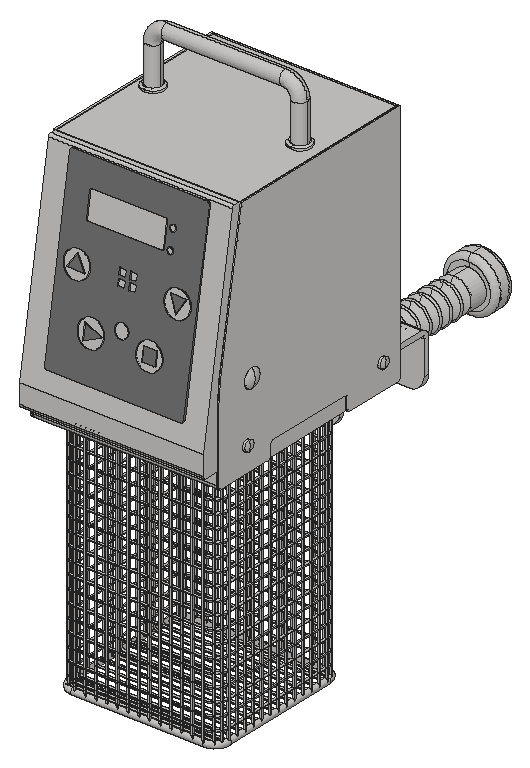
Revit family "QF_VOLLRATH_SOFTCOOKER", category Specialty Equipment, Revit 2016 (continued)
Lines and regions (in)
  symbolic lines
    curve 34: spline (2.51969, -6.20432, 0) -> (2.56623, -6.20326, 0) -> (2.60961, -6.20014, 0) -> (2.64685, -6.19517, 0) -> (2.67543, -6.18871, 0) -> (2.6934, -6.18118, 0) -> (2.69953, -6.17309, 0) -> (2.6934, -6.16501, 0) -> (2.67543, -6.15748, 0) -> (2.64685, -6.15101, 0) -> (2.60961, -6.14605, 0) -> (2.56623, -6.14293, 0) -> (2.51969, -6.14186, 0)
    curve 35: spline (1.7345, -6.28922, 0) -> (1.82568, -6.28713, 0) -> (1.91064, -6.28102, 0) -> (1.9836, -6.2713, 0) -> (2.03959, -6.25863, 0) -> (2.07478, -6.24388, 0) -> (2.08678, -6.22804, 0) -> (2.07478, -6.21221, 0) -> (2.03959, -6.19746, 0) -> (1.9836, -6.18479, 0) -> (1.91064, -6.17507, 0) -> (1.82568, -6.16895, 0) -> (1.7345, -6.16687, 0)
    curve 36: spline (1.7345, -6.16687, 0) -> (1.64332, -6.16895, 0) -> (1.55836, -6.17507, 0) -> (1.48539, -6.18479, 0) -> (1.42941, -6.19746, 0) -> (1.39422, -6.21221, 0) -> (1.38221, -6.22804, 0) -> (1.39422, -6.24388, 0) -> (1.42941, -6.25863, 0) -> (1.48539, -6.2713, 0) -> (1.55836, -6.28102, 0) -> (1.64332, -6.28713, 0) -> (1.7345, -6.28922, 0)
    curve 37: spline (3.86737, -5.9281, 0) -> (3.77619, -5.93019, 0) -> (3.69123, -5.9363, 0) -> (3.61827, -5.94602, 0) -> (3.56228, -5.95869, 0) -> (3.52709, -5.97344, 0) -> (3.51509, -5.98928, 0) -> (3.52709, -6.00511, 0) -> (3.56228, -6.01986, 0) -> (3.61827, -6.03253, 0) -> (3.69123, -6.04225, 0) -> (3.77619, -6.04837, 0) -> (3.86737, -6.05045, 0)
    curve 38: spline (3.86737, -6.05045, 0) -> (3.95855, -6.04837, 0) -> (4.04351, -6.04225, 0) -> (4.11648, -6.03253, 0) -> (4.17246, -6.01986, 0) -> (4.20765, -6.00511, 0) -> (4.21966, -5.98928, 0) -> (4.20765, -5.97344, 0) -> (4.17246, -5.95869, 0) -> (4.11648, -5.94602, 0) -> (4.04351, -5.9363, 0) -> (3.95855, -5.93019, 0) -> (3.86737, -5.9281, 0)
    curve 39: spline (3.30487, -6.28922, 0) -> (3.39605, -6.28713, 0) -> (3.48101, -6.28102, 0) -> (3.55398, -6.2713, 0) -> (3.60996, -6.25863, 0) -> (3.64515, -6.24388, 0) -> (3.65716, -6.22804, 0) -> (3.64515, -6.21221, 0) -> (3.60996, -6.19746, 0) -> (3.55398, -6.18479, 0) -> (3.48101, -6.17507, 0) -> (3.39605, -6.16895, 0) -> (3.30487, -6.16687, 0)
    curve 40: spline (3.30487, -6.16687, 0) -> (3.21369, -6.16895, 0) -> (3.12873, -6.17507, 0) -> (3.05577, -6.18479, 0) -> (2.99978, -6.19746, 0) -> (2.96459, -6.21221, 0) -> (2.95259, -6.22804, 0) -> (2.96459, -6.24388, 0) -> (2.99978, -6.25863, 0) -> (3.05577, -6.2713, 0) -> (3.12873, -6.28102, 0) -> (3.21369, -6.28713, 0) -> (3.30487, -6.28922, 0)
    curve 41: line (1.29527, -5.80162, 0) -> (3.35039, -5.80162, 0)
    curve 42: line (1.29527, -5.69086, 0) -> (1.29527, -5.80162, 0)
    curve 43: line (3.35039, -5.69086, 0) -> (1.29527, -5.69086, 0)
    curve 44: line (3.35039, -5.80162, 0) -> (3.35039, -5.69086, 0)
    curve 45: spline (3.52545, -5.72505, 0) -> (3.54608, -5.72458, 0) -> (3.5653, -5.7232, 0) -> (3.58181, -5.721, 0) -> (3.59447, -5.71813, 0) -> (3.60243, -5.71479, 0) -> (3.60515, -5.71121, 0) -> (3.60243, -5.70763, 0) -> (3.59447, -5.70429, 0) -> (3.58181, -5.70143, 0) -> (3.5653, -5.69923, 0) -> (3.54608, -5.69784, 0) -> (3.52545, -5.69737, 0)
    curve 46: spline (3.52545, -5.69737, 0) -> (3.50482, -5.69784, 0) -> (3.4856, -5.69923, 0) -> (3.46909, -5.70143, 0) -> (3.45643, -5.70429, 0) -> (3.44847, -5.70763, 0) -> (3.44575, -5.71121, 0) -> (3.44847, -5.71479, 0) -> (3.45643, -5.71813, 0) -> (3.46909, -5.721, 0) -> (3.4856, -5.7232, 0) -> (3.50482, -5.72458, 0) -> (3.52545, -5.72505, 0)
    curve 47: spline (3.52347, -5.81382, 0) -> (3.50303, -5.81335, 0) -> (3.48399, -5.81198, 0) -> (3.46763, -5.8098, 0) -> (3.45508, -5.80696, 0) -> (3.44719, -5.80366, 0) -> (3.4445, -5.80011, 0) -> (3.44719, -5.79656, 0) -> (3.45508, -5.79325, 0) -> (3.46763, -5.79041, 0) -> (3.48399, -5.78823, 0) -> (3.50303, -5.78686, 0) -> (3.52347, -5.78639, 0)
    curve 48: spline (3.52347, -5.81382, 0) -> (3.54391, -5.81335, 0) -> (3.56296, -5.81198, 0) -> (3.57931, -5.8098, 0) -> (3.59186, -5.80696, 0) -> (3.59975, -5.80366, 0) -> (3.60244, -5.80011, 0) -> (3.59975, -5.79656, 0) -> (3.59186, -5.79325, 0) -> (3.57931, -5.79041, 0) -> (3.56296, -5.78823, 0) -> (3.54391, -5.78686, 0) -> (3.52347, -5.78639, 0)
    curve 49: line (2.0243, -6.22673, 0) -> (1.5578, -6.19089, 0)
    curve 50: line (1.5578, -6.19089, 0) -> (1.5578, -6.26624, 0)
    curve 51: line (1.5578, -6.26624, 0) -> (2.0243, -6.22673, 0)
    curve 52: line (1.16164, -5.94403, 0) -> (1.40205, -6.01084, 0)
    curve 53: line (1.40205, -6.01084, 0) -> (0.92122, -6.01084, 0)
    curve 54: line (0.92122, -6.01084, 0) -> (1.16164, -5.94403, 0)
    curve 55: line (3.49073, -6.1965, 0) -> (3.12328, -6.1965, 0)
    curve 56: line (3.12328, -6.1965, 0) -> (3.12328, -6.25866, 0)
    curve 57: line (3.12328, -6.25866, 0) -> (3.49073, -6.25866, 0)
    curve 58: line (3.49073, -6.25866, 0) -> (3.49073, -6.1965, 0)
    curve 59: line (3.8525, -6.03269, 0) -> (3.65449, -5.95896, 0)
    curve 60: line (3.65449, -5.95896, 0) -> (4.08118, -5.95896, 0)
    curve 61: line (4.08118, -5.95896, 0) -> (3.8525, -6.03269, 0)
    curve 62: line (2.22877, 2.65366, 0) -> (2.8106, 2.65366, 0)
    curve 63: line (2.8106, 2.65366, 0) -> (2.8106, 2.49688, 0)
    curve 64: line (2.8106, 2.49688, 0) -> (2.22877, 2.49688, 0)
    curve 65: line (2.22877, 2.49688, 0) -> (2.22877, 2.65366, 0)
    curve 66: line (2.26394, 2.71725, 0) -> (2.26394, 2.65366, 0)
    curve 67: line (2.26394, 2.71725, 0) -> (2.77543, 2.71725, 0)
    curve 68: line (2.77543, 2.71725, 0) -> (2.77543, 2.65366, 0)
    curve 69: line (2.37267, 2.49688, 0) -> (2.37267, 2.1063, 0)
    curve 70: line (2.6667, 2.49688, 0) -> (2.6667, 2.1063, 0)
    curve 71: line (2.24996, 3.04543, 0) -> (2.06437, 2.9249, 0)
    curve 72: line (2.26394, 2.71725, 0) -> (2.06437, 2.84686, 0)
    curve 73: arc (2.06437, 2.9249, 0) -> (2.04318, 2.88588, 0) -> (2.06437, 2.84686, 0) r 0.04653
    curve 74: line (2.78941, 3.04543, 0) -> (2.975, 2.9249, 0)
    curve 75: line (2.77543, 2.71725, 0) -> (2.975, 2.84686, 0)
    curve 76: arc (2.975, 2.9249, 0) -> (2.99619, 2.88588, 0) -> (2.975, 2.84686, 0) r 0.04653
    curve 77: line (2.24996, 3.04543, 0) -> (2.78941, 3.04543, 0)
    curve 78: line (2.24996, 3.07772, 0) -> (2.78941, 3.07772, 0)
    curve 79: line (2.78941, 3.07772, 0) -> (2.78941, 3.04543, 0)
    curve 80: line (2.24996, 3.07772, 0) -> (2.24996, 3.04543, 0)
    curve 81: line (2.24589, 3.07772, 0) -> (2.79348, 3.07772, 0)
    curve 82: line (2.24996, 3.39417, 0) -> (2.06437, 3.27365, 0)
    curve 83: line (2.24589, 3.07772, 0) -> (2.06437, 3.1956, 0)
    curve 84: arc (2.06437, 3.27365, 0) -> (2.04318, 3.23463, 0) -> (2.06437, 3.1956, 0) r 0.04653
    curve 85: line (2.78941, 3.39417, 0) -> (2.975, 3.27365, 0)
    curve 86: line (2.79348, 3.07772, 0) -> (2.975, 3.1956, 0)
    curve 87: arc (2.975, 3.27365, 0) -> (2.99619, 3.23463, 0) -> (2.975, 3.1956, 0) r 0.04653
    curve 88: line (2.24996, 3.39417, 0) -> (2.78941, 3.39417, 0)
    curve 89: line (2.24996, 3.42646, 0) -> (2.78941, 3.42646, 0)
    curve 90: line (2.78941, 3.42646, 0) -> (2.78941, 3.39417, 0)
    curve 91: line (2.24996, 3.42646, 0) -> (2.24996, 3.39417, 0)
    curve 92: line (2.24589, 3.42646, 0) -> (2.79348, 3.42646, 0)
    curve 93: line (2.24996, 3.74292, 0) -> (2.06437, 3.6224, 0)
    curve 94: line (2.24589, 3.42646, 0) -> (2.06437, 3.54435, 0)
    curve 95: arc (2.06437, 3.6224, 0) -> (2.04318, 3.58337, 0) -> (2.06437, 3.54435, 0) r 0.04653
    curve 96: line (2.78941, 3.74292, 0) -> (2.975, 3.6224, 0)
    curve 97: line (2.79348, 3.42646, 0) -> (2.975, 3.54435, 0)
    curve 98: arc (2.975, 3.6224, 0) -> (2.99619, 3.58337, 0) -> (2.975, 3.54435, 0) r 0.04653
    curve 99: line (2.24996, 3.74292, 0) -> (2.78941, 3.74292, 0)
    curve 100: line (2.24589, 3.77493, 0) -> (2.79348, 3.77493, 0)
    curve 101: line (2.24996, 4.09139, 0) -> (2.06437, 3.97087, 0)
    curve 102: line (2.24589, 3.77493, 0) -> (2.06437, 3.89282, 0)
    curve 103: arc (2.06437, 3.97087, 0) -> (2.04318, 3.93184, 0) -> (2.06437, 3.89282, 0) r 0.04653
    curve 104: line (2.78941, 4.09139, 0) -> (2.975, 3.97087, 0)
    curve 105: line (2.79348, 3.77493, 0) -> (2.975, 3.89282, 0)
    curve 106: arc (2.975, 3.97087, 0) -> (2.99619, 3.93184, 0) -> (2.975, 3.89282, 0) r 0.04653
    curve 107: line (2.24996, 4.09139, 0) -> (2.78941, 4.09139, 0)
    curve 108: line (2.24589, 4.12354, 0) -> (2.79348, 4.12354, 0)
    curve 109: line (2.24996, 4.44, 0) -> (2.06437, 4.31948, 0)
    curve 110: line (2.24589, 4.12354, 0) -> (2.06437, 4.24143, 0)
    curve 111: arc (2.06437, 4.31948, 0) -> (2.04318, 4.28045, 0) -> (2.06437, 4.24143, 0) r 0.04653
    curve 112: line (2.78941, 4.44, 0) -> (2.975, 4.31948, 0)
    curve 113: line (2.79348, 4.12354, 0) -> (2.975, 4.24143, 0)
    curve 114: arc (2.975, 4.31948, 0) -> (2.99619, 4.28045, 0) -> (2.975, 4.24143, 0) r 0.04653
    curve 115: line (2.24996, 4.44, 0) -> (2.78941, 4.44, 0)
    curve 116: line (2.24589, 4.47215, 0) -> (2.79348, 4.47215, 0)
    curve 117: line (2.24996, 4.78861, 0) -> (2.06437, 4.66808, 0)
    curve 118: line (2.24589, 4.47215, 0) -> (2.06437, 4.59004, 0)
    curve 119: arc (2.06437, 4.66808, 0) -> (2.04318, 4.62906, 0) -> (2.06437, 4.59004, 0) r 0.04653
    curve 120: line (2.78941, 4.78861, 0) -> (2.975, 4.66808, 0)
    curve 121: line (2.79348, 4.47215, 0) -> (2.975, 4.59004, 0)
    curve 122: arc (2.975, 4.66808, 0) -> (2.99619, 4.62906, 0) -> (2.975, 4.59004, 0) r 0.04653
    curve 123: line (2.24996, 4.78861, 0) -> (2.78941, 4.78861, 0)
    curve 124: line (2.05745, 4.94577, 0) -> (2.05745, 5.43389, 0)
    curve 125: line (2.05745, 4.94577, 0) -> (2.24996, 4.82076, 0)
    curve 126: line (2.78941, 4.82076, 0) -> (2.98192, 4.94577, 0)
    curve 127: line (2.98192, 4.94577, 0) -> (2.98192, 5.43389, 0)
    curve 128: line (2.05745, 4.94577, 0) -> (2.98192, 4.94577, 0)
    curve 129: line (2.24996, 4.82076, 0) -> (2.24996, 4.78861, 0)
    curve 130: line (2.78941, 4.82076, 0) -> (2.78941, 4.78861, 0)
    curve 131: line (1.92524, 5.43389, 0) -> (3.11413, 5.43389, 0)
    curve 132: line (1.90418, 6.00394, 0) -> (3.13519, 6.00394, 0)
    curve 133: line (1.77641, 5.58272, 0) -> (1.77641, 5.87617, 0)
    curve 134: arc (1.92524, 5.43389, 0) -> (1.82, 5.47748, 0) -> (1.77641, 5.58272, 0) r 0.14882
    curve 135: arc (1.77641, 5.87617, 0) -> (1.81383, 5.96651, 0) -> (1.90418, 6.00394, 0) r 0.12777
    curve 136: line (0, -5.30371, 0) -> (5.03937, -5.30371, 0)
    curve 137: line (3.26296, 5.58272, 0) -> (3.26296, 5.87617, 0)
    curve 138: arc (3.11413, 5.43389, 0) -> (3.21937, 5.47748, 0) -> (3.26296, 5.58272, 0) r 0.14882
    curve 139: arc (3.26296, 5.87617, 0) -> (3.22554, 5.96651, 0) -> (3.13519, 6.00394, 0) r 0.12777
Dimensions and locks (in)
  equal spacing: plane 3 "LEFT", plane 7 "Center Y", plane 4 "RIGHT"
  "Length": plane 3 "LEFT" to plane 4 "RIGHT"
  equal spacing: plane 5 "FRONT", plane 8 "Center X", plane 1 "BACK"
  plane 5 "FRONT" to plane 1 "BACK" = 6.49606"
  plane 6 "TOP" to level = 6.63386"
  equal spacing: group 1, group 3, group 4, group 5, group 6, group 7, group 8, group 9, group 10, group 11, group 12, group 13, group 14, group 15, group 16, group 17, group 18, group 2  (x3)
  "Height": plane 13 to plane 12
  "Depth": plane 5 "FRONT" to plane 14
  aligned and locked: plane 2 to level
Automatic sketch dimensions
  Sweep 24 sketch curve to Sweep 24 sketch curve = 0.33573"
  Sweep 24 sketch curve to Sweep 24 sketch curve = 43/128"  (x2)
  Sweep 24 sketch curve to profile plane = 0"  (x2)
  Sweep 24 sketch curve to Sweep 24 sketch curve = 3.52019"
  Sweep 24 sketch curve to Sweep 24 sketch curve = 3.51999"
  Sweep 24 sketch curve to Sweep 24 sketch curve = 3.32251"
  Sweep 25 sketch curve to Sweep 25 sketch curve = 0.33573"
  Sweep 25 sketch curve to Sweep 25 sketch curve = 43/128"  (x2)
  Sweep 25 sketch curve to profile plane = 0"  (x2)
  Sweep 25 sketch curve to Sweep 25 sketch curve = 3.52019"
  Sweep 25 sketch curve to Sweep 25 sketch curve = 3.51999"
  Sweep 25 sketch curve to Sweep 25 sketch curve = 3.32251"
  Sweep 26 sketch curve to Sweep 26 sketch curve = 0.33573"
  Sweep 26 sketch curve to Sweep 26 sketch curve = 43/128"  (x2)
  Sweep 26 sketch curve to profile plane = 0"  (x2)
  Sweep 26 sketch curve to Sweep 26 sketch curve = 3.52019"
  Sweep 26 sketch curve to Sweep 26 sketch curve = 3.51999"
  Sweep 26 sketch curve to Sweep 26 sketch curve = 3.32251"
  Sweep 27 sketch curve to Sweep 27 sketch curve = 0.33573"
  Sweep 27 sketch curve to Sweep 27 sketch curve = 43/128"  (x2)
  Sweep 27 sketch curve to profile plane = 0"  (x2)
  Sweep 27 sketch curve to Sweep 27 sketch curve = 3.52019"
  Sweep 27 sketch curve to Sweep 27 sketch curve = 3.51999"
  Sweep 27 sketch curve to Sweep 27 sketch curve = 3.32251"
  Sweep 28 sketch curve to Sweep 28 sketch curve = 0.33573"
  Sweep 28 sketch curve to Sweep 28 sketch curve = 43/128"  (x2)
  Sweep 28 sketch curve to profile plane = 0"  (x2)
  Sweep 28 sketch curve to Sweep 28 sketch curve = 3.52019"
  Sweep 28 sketch curve to Sweep 28 sketch curve = 3.51999"
  Sweep 28 sketch curve to Sweep 28 sketch curve = 3.32251"
  Sweep 29 sketch curve to Sweep 29 sketch curve = 0.33573"
  Sweep 29 sketch curve to Sweep 29 sketch curve = 43/128"  (x2)
  Sweep 29 sketch curve to profile plane = 0"  (x2)
  Sweep 29 sketch curve to Sweep 29 sketch curve = 3.52019"
  Sweep 29 sketch curve to Sweep 29 sketch curve = 3.51999"
  Sweep 29 sketch curve to Sweep 29 sketch curve = 3.32251"
  Sweep 30 sketch curve to Sweep 30 sketch curve = 0.33573"
  Sweep 30 sketch curve to Sweep 30 sketch curve = 43/128"  (x2)
  Sweep 30 sketch curve to profile plane = 0"  (x2)
  Sweep 30 sketch curve to Sweep 30 sketch curve = 3.52019"
  Sweep 30 sketch curve to Sweep 30 sketch curve = 3.51999"
  Sweep 30 sketch curve to Sweep 30 sketch curve = 3.32251"
  Sweep 31 sketch curve to Sweep 31 sketch curve = 0.33573"
  Sweep 31 sketch curve to Sweep 31 sketch curve = 43/128"  (x2)
  Sweep 31 sketch curve to profile plane = 0"  (x2)
  Sweep 31 sketch curve to Sweep 31 sketch curve = 3.52019"
  Sweep 31 sketch curve to Sweep 31 sketch curve = 3.51999"
  Sweep 31 sketch curve to Sweep 31 sketch curve = 3.32251"
  Sweep 32 sketch curve to Sweep 32 sketch curve = 0.33573"
  Sweep 32 sketch curve to Sweep 32 sketch curve = 43/128"  (x2)
  Sweep 32 sketch curve to profile plane = 0"  (x2)
  Sweep 32 sketch curve to Sweep 32 sketch curve = 3.52019"
  Sweep 32 sketch curve to Sweep 32 sketch curve = 3.51999"
  Sweep 32 sketch curve to Sweep 32 sketch curve = 3.32251"
  Sweep 33 sketch curve to Sweep 33 sketch curve = 0.33573"
  Sweep 33 sketch curve to Sweep 33 sketch curve = 43/128"  (x2)
  Sweep 33 sketch curve to profile plane = 0"  (x2)
  Sweep 33 sketch curve to Sweep 33 sketch curve = 3.52019"
  Sweep 33 sketch curve to Sweep 33 sketch curve = 3.51999"
  Sweep 33 sketch curve to Sweep 33 sketch curve = 3.32251"
  Sweep 34 sketch curve to Sweep 34 sketch curve = 0.33573"
  Sweep 34 sketch curve to Sweep 34 sketch curve = 43/128"  (x2)
  Sweep 34 sketch curve to profile plane = 0"  (x2)
  Sweep 34 sketch curve to Sweep 34 sketch curve = 3.52019"
  Sweep 34 sketch curve to Sweep 34 sketch curve = 3.51999"
  Sweep 34 sketch curve to Sweep 34 sketch curve = 3.32251"
  Sweep 35 sketch curve to Sweep 35 sketch curve = 0.33573"
  Sweep 35 sketch curve to Sweep 35 sketch curve = 43/128"  (x2)
  Sweep 35 sketch curve to profile plane = 0"  (x2)
  Sweep 35 sketch curve to Sweep 35 sketch curve = 3.52019"
  Sweep 35 sketch curve to Sweep 35 sketch curve = 3.51999"
  Sweep 35 sketch curve to Sweep 35 sketch curve = 3.32251"
  Sweep 36 sketch curve to Sweep 36 sketch curve = 0.33573"
  Sweep 36 sketch curve to Sweep 36 sketch curve = 43/128"  (x2)
  Sweep 36 sketch curve to profile plane = 0"  (x2)
  Sweep 36 sketch curve to Sweep 36 sketch curve = 3.52019"
  Sweep 36 sketch curve to Sweep 36 sketch curve = 3.51999"
  Sweep 36 sketch curve to Sweep 36 sketch curve = 3.32251"
  Sweep 37 sketch curve to Sweep 37 sketch curve = 0.33573"
  Sweep 37 sketch curve to Sweep 37 sketch curve = 43/128"  (x2)
  Sweep 37 sketch curve to profile plane = 0"  (x2)
  Sweep 37 sketch curve to Sweep 37 sketch curve = 3.52019"
  Sweep 37 sketch curve to Sweep 37 sketch curve = 3.51999"
  Sweep 37 sketch curve to Sweep 37 sketch curve = 3.32251"
  Sweep 38 sketch curve to Sweep 38 sketch curve = 0.33573"
  Sweep 38 sketch curve to Sweep 38 sketch curve = 43/128"  (x2)
  Sweep 38 sketch curve to profile plane = 0"  (x2)
  Sweep 38 sketch curve to Sweep 38 sketch curve = 3.52019"
  Sweep 38 sketch curve to Sweep 38 sketch curve = 3.51999"
  Sweep 38 sketch curve to Sweep 38 sketch curve = 3.32251"
  Sweep 39 sketch curve to Sweep 39 sketch curve = 0.33573"
  Sweep 39 sketch curve to Sweep 39 sketch curve = 43/128"  (x2)
  Sweep 39 sketch curve to profile plane = 0"  (x2)
  Sweep 39 sketch curve to Sweep 39 sketch curve = 3.52019"
  Sweep 39 sketch curve to Sweep 39 sketch curve = 3.51999"
  Sweep 39 sketch curve to Sweep 39 sketch curve = 3.32251"
  Sweep 40 sketch curve to Sweep 40 sketch curve = 0.33573"
  Sweep 40 sketch curve to Sweep 40 sketch curve = 43/128"  (x2)
  Sweep 40 sketch curve to profile plane = 0"  (x2)
  Sweep 40 sketch curve to Sweep 40 sketch curve = 3.52019"
  Sweep 40 sketch curve to Sweep 40 sketch curve = 3.51999"
  Sweep 40 sketch curve to Sweep 40 sketch curve = 3.32251"
  Sweep 41 sketch curve to Sweep 41 sketch curve = 0.33573"
  Sweep 41 sketch curve to Sweep 41 sketch curve = 43/128"  (x2)
  Sweep 41 sketch curve to profile plane = 0"  (x2)
  Sweep 41 sketch curve to Sweep 41 sketch curve = 3.52019"
  Sweep 41 sketch curve to Sweep 41 sketch curve = 3.51999"
  Sweep 41 sketch curve to Sweep 41 sketch curve = 3.32251"
  Extrusion 1 sketch curve to level = 0"  (x2)
  plane 11 to Extrusion 1 sketch curve = 0"
  Extrusion 1 sketch curve to plane 1 "BACK" = 0"
  plane 1 "BACK" to Extrusion 1 sketch curve = 0.09097"
  plane 8 "Center X" to Extrusion 1 sketch curve = 1.54935"
  plane 11 to Extrusion 1 sketch curve = 5/64"
  Extrusion 1 sketch curve to Extrusion 1 sketch curve = 0.07297"
  plane 8 "Center X" to Extrusion 1 sketch curve = 1.05327"
  Extrusion 1 sketch curve to plane 8 "Center X" = 1.0402"
  level to Extrusion 1 sketch curve = 0.07863"
  Extrusion 1 sketch curve to Extrusion 1 sketch curve = 0.08185"
  Extrusion 1 sketch curve to plane 6 "TOP" = 0.05906"
  Extrusion 1 sketch curve to plane 5 "FRONT" = 1.19235"
  Extrusion 1 sketch curve to plane 5 "FRONT" = 0.52571"
  Extrusion 1 sketch curve to plane 5 "FRONT" = 0.49184"
  level to Extrusion 1 sketch curve = 0.09263"
  plane 10 to Extrusion 1 sketch curve = 0.38881"
  Extrusion 2 sketch curve to plane 1 "BACK" = 0"
  Extrusion 2 sketch curve to level = 0"  (x2)
  plane 11 to Extrusion 2 sketch curve = 0"
  level to Extrusion 2 sketch curve = 0.09097"
  level to Extrusion 2 sketch curve = 0.07297"
  plane 8 "Center X" to Extrusion 2 sketch curve = 1.54935"
  Extrusion 2 sketch curve to Extrusion 2 sketch curve = 5/64"
  plane 8 "Center X" to Extrusion 2 sketch curve = 1.05327"
  plane 11 to Extrusion 2 sketch curve = 0.08185"
  Extrusion 2 sketch curve to plane 8 "Center X" = 1.0402"
  level to Extrusion 2 sketch curve = 0.07863"
  Extrusion 2 sketch curve to plane 6 "TOP" = 0.05906"
  Extrusion 2 sketch curve to plane 5 "FRONT" = 1.19235"
  Extrusion 2 sketch curve to plane 5 "FRONT" = 0.52571"
  Extrusion 2 sketch curve to plane 5 "FRONT" = 0.49184"
  plane 10 to Extrusion 2 sketch curve = 0.38881"
  Extrusion 2 sketch curve to Extrusion 2 sketch curve = 0.05877"
  Extrusion 3 sketch curve to level = 0"
  plane 1 "BACK" to Extrusion 3 sketch curve = 0.84646"
  Extrusion 3 sketch curve to Extrusion 3 sketch curve = 0.11811"  (x2)
  Extrusion 3 sketch curve to Extrusion 3 sketch curve = 0.09466"
  Extrusion 3 sketch curve to Extrusion 3 sketch curve = 0.00253"
  Extrusion 3 sketch curve to level = 0.21749"
  Extrusion 3 sketch curve to plane 1 "BACK" = 1.88881"
  Extrusion 3 sketch curve to Extrusion 3 sketch curve = 0.00726"
  Extrusion 3 sketch curve to Extrusion 3 sketch curve = 0.09212"
  Extrusion 3 sketch curve to Extrusion 3 sketch curve = 0.21663"
  Extrusion 3 sketch curve to Extrusion 3 sketch curve = 0.92934"
  Extrusion 4 sketch curve to Extrusion 1 = 0"  (x2)
  Extrusion 1 to Extrusion 4 sketch curve = 0"
  Extrusion 4 sketch curve to Extrusion 1 = 0.05877"
  Extrusion 4 sketch curve to Extrusion 1 = 0.09263"
  Extrusion 1 to Extrusion 4 sketch curve = 0.08185"
  Extrusion 4 sketch curve to Extrusion 1 = 0.07297"
  Extrusion 4 sketch curve to Extrusion 1 = 0.03937"
  Extrusion 5 sketch curve to level = 1.17996"
  Extrusion 5 sketch curve to Extrusion 5 sketch curve = 0.3898"
  Extrusion 5 sketch curve to Extrusion 5 sketch curve = 0.40343"
  Extrusion 5 sketch curve to Extrusion 5 sketch curve = 0.3446"
  plane 3 "LEFT" to Extrusion 5 sketch curve = 0.94488"
  plane 7 "Center Y" to Extrusion 5 sketch curve = 1.17137"
  Extrusion 6 sketch curve to level = 1.13957"
  Extrusion 6 sketch curve to Extrusion 6 sketch curve = 0.39615"
  plane 4 "RIGHT" to Extrusion 6 sketch curve = 0.94488"
  Extrusion 6 sketch curve to plane 7 "Center Y" = 1.17866"
  Extrusion 7 sketch curve to plane 5 "FRONT" = 0"
  plane 11 to Extrusion 7 sketch curve = 0"
  Extrusion 7 sketch curve to plane 5 "FRONT" = 0.07645"
  Extrusion 7 sketch curve to Extrusion 7 sketch curve = 0.35662"
  Extrusion 7 sketch curve to plane 5 "FRONT" = 0.48129"
  plane 9 to Extrusion 7 sketch curve = 0.03365"
  Extrusion 7 sketch curve to plane 5 "FRONT" = 0.96693"
  plane 9 to Extrusion 7 sketch curve = 0.02019"
  Extrusion 7 sketch curve to Extrusion 7 sketch curve = 0.07631"
  Extrusion 7 sketch curve to Extrusion 7 sketch curve = 0.14912"
  plane 8 "Center X" to Extrusion 7 sketch curve = 0.35904"
  Extrusion 7 sketch curve to plane 10 = 0.51439"
  plane 10 to Extrusion 7 sketch curve = 0.44955"
  Extrusion 7 to Extrusion 8 sketch curve = 0.03555"
  Extrusion 8 sketch curve to Extrusion 8 sketch curve = 0.07874"  (x3)
  Extrusion 7 to Extrusion 8 sketch curve = 0.75799"
  Extrusion 8 sketch curve to Extrusion 8 sketch curve = 0.03937"  (x3)
  Extrusion 8 sketch curve to Extrusion 8 sketch curve = 15/128"
  Extrusion 8 sketch curve to Extrusion 8 sketch curve = 0.51193"
  Extrusion 8 sketch curve to Extrusion 8 sketch curve = 0.63781"
  Extrusion 8 sketch curve to Extrusion 8 sketch curve = 0.00868"
  Extrusion 8 sketch curve to Extrusion 8 sketch curve = 0.72792"
  Extrusion 8 sketch curve to Extrusion 8 sketch curve = 0"  (x5)
  Extrusion 8 sketch curve to Extrusion 8 sketch curve = 0.18454"  (x3)
  Extrusion 8 sketch curve to Extrusion 8 sketch curve = 0.06546"  (x2)
  Extrusion 8 sketch curve to Extrusion 8 sketch curve = 1.04133"
  Extrusion 8 sketch curve to Extrusion 8 sketch curve = 0.06341"
  Extrusion 8 sketch curve to Extrusion 8 sketch curve = 0.93742"
  Extrusion 8 sketch curve to Extrusion 8 sketch curve = 0.31645"  (x2)
  Extrusion 7 to Extrusion 8 sketch curve = 0.59967"  (x2)
  Extrusion 7 to Extrusion 8 sketch curve = 0.59055"
  Extrusion 7 to Extrusion 8 sketch curve = 1.11294"
  Extrusion 8 sketch curve to Extrusion 8 sketch curve = 0.12327"
  Extrusion 8 sketch curve to Extrusion 8 sketch curve = 1.00616"
  Extrusion 8 sketch curve to Extrusion 8 sketch curve = 1.10808"
  Extrusion 8 sketch curve to Extrusion 8 sketch curve = 0.19272"  (x3)
  Extrusion 8 sketch curve to Extrusion 8 sketch curve = 0.78519"  (x2)
  Extrusion 8 sketch curve to Extrusion 8 sketch curve = 0.10445"
  Extrusion 8 sketch curve to Extrusion 8 sketch curve = 0.54105"
  Extrusion 8 sketch curve to Extrusion 8 sketch curve = 0.17308"
  Extrusion 8 sketch curve to Extrusion 8 sketch curve = 0.17506"
  Extrusion 8 sketch curve to Extrusion 8 sketch curve = 1.0974"
  Extrusion 7 to Extrusion 8 sketch curve = 0.6693"
  plane 4 "RIGHT" to Revolve 9 sketch curve = 0"
  plane 4 "RIGHT" to Revolve 9 sketch curve = 0.31496"
  Revolve 9 sketch curve to Revolve 9 sketch curve = 0.05988"
  Revolve 9 sketch curve to plane 4 "RIGHT" = 0.03087"
  Revolve 9 sketch curve to plane 4 "RIGHT" = 0.11558"
  plane 10 to Revolve 9 sketch curve = 0.67136"
  Revolve 9 sketch curve to Revolve 9 sketch curve = 0.03128"
  Revolve 9 sketch curve to Revolve 9 sketch curve = 0.14636"
  Revolve 9 sketch curve to Revolve 9 sketch curve = 0"  (x2)
  Revolve 9 sketch curve to Revolve 9 sketch curve = 0.0296"
  plane 4 "RIGHT" to Revolve 10 sketch curve = 0"
  Revolve 10 sketch curve to Revolve 10 sketch curve = 0.31496"
  Revolve 10 sketch curve to Revolve 10 sketch curve = 0.05988"
  Revolve 10 sketch curve to plane 4 "RIGHT" = 0.08633"
  Revolve 10 sketch curve to plane 4 "RIGHT" = 0.11558"
  Revolve 10 sketch curve to plane 11 = 0.24431"
  Revolve 10 sketch curve to Revolve 10 sketch curve = 0.03128"
  Revolve 10 sketch curve to Revolve 10 sketch curve = 0.0388"
  Revolve 10 sketch curve to Revolve 10 sketch curve = 0"  (x2)
  Revolve 10 sketch curve to Revolve 10 sketch curve = 0.0296"
  plane 4 "RIGHT" to Revolve 11 sketch curve = 0"
  Revolve 11 sketch curve to Revolve 11 sketch curve = 0.31496"
  Revolve 11 sketch curve to Revolve 11 sketch curve = 0.05988"
  Revolve 11 sketch curve to plane 4 "RIGHT" = 0.08633"
  Revolve 11 sketch curve to plane 4 "RIGHT" = 0.11558"
  Revolve 11 sketch curve to plane 11 = 0.41403"
  Revolve 11 sketch curve to Revolve 11 sketch curve = 0.0388"
  Revolve 11 sketch curve to Revolve 11 sketch curve = 0.13844"
  Revolve 11 sketch curve to Revolve 11 sketch curve = 0"  (x2)
  Revolve 11 sketch curve to Revolve 11 sketch curve = 0.0296"
  Sweep 12 sketch curve to plane 6 "TOP" = 0"  (x2)
  plane 3 "LEFT" to Sweep 12 sketch curve = 0.55297"
  Sweep 12 sketch curve to Sweep 12 sketch curve = 0.38232"  (x2)
  plane 4 "RIGHT" to Sweep 12 sketch curve = 0.93529"
  plane 6 "TOP" to Sweep 12 sketch curve = 1.08484"
  Sweep 12 sketch curve to profile plane = 0"  (x2)
  Extrusion 7 to Extrusion 13 sketch curve = 0.75799"
  Extrusion 13 sketch curve to Extrusion 13 sketch curve = 0.03937"  (x3)
  Extrusion 13 sketch curve to Extrusion 13 sketch curve = 15/128"
  Extrusion 13 sketch curve to Extrusion 13 sketch curve = 0.51193"
  Extrusion 13 sketch curve to Extrusion 13 sketch curve = 0.63781"
  Extrusion 13 sketch curve to Extrusion 13 sketch curve = 0.00868"
  Extrusion 7 to Extrusion 13 sketch curve = 1.23621"
  Extrusion 7 to Extrusion 13 sketch curve = 1.66929"
  Extrusion 13 sketch curve to Extrusion 13 sketch curve = 0.17308"
  Extrusion 13 sketch curve to Extrusion 13 sketch curve = 0.17506"
  Extrusion 7 to Extrusion 14 sketch curve = 1.10258"
  Extrusion 7 to Extrusion 14 sketch curve = 2.25531"
  Extrusion 7 to Extrusion 14 sketch curve = 2.34125"
  Extrusion 14 sketch curve to Extrusion 14 sketch curve = 0.26055"
  Extrusion 14 sketch curve to Extrusion 14 sketch curve = 0.17461"
  Extrusion 14 sketch curve to Extrusion 14 sketch curve = 0.12419"
  Extrusion 7 to Extrusion 14 sketch curve = 1.12782"
  Extrusion 14 sketch curve to Extrusion 14 sketch curve = 1/4"
  Extrusion 14 sketch curve to Extrusion 14 sketch curve = 1.03683"
  Extrusion 14 sketch curve to Extrusion 14 sketch curve = 0.94337"
  Extrusion 14 sketch curve to Extrusion 14 sketch curve = 0.20641"
  Extrusion 14 sketch curve to Extrusion 14 sketch curve = 0.18163"
  Extrusion 14 sketch curve to Extrusion 14 sketch curve = 0.21398"
  Extrusion 14 sketch curve to Extrusion 14 sketch curve = 0.17632"
  Extrusion 14 sketch curve to Extrusion 14 sketch curve = 0.21996"
  Extrusion 14 sketch curve to Extrusion 14 sketch curve = 0.24042"
  Extrusion 14 sketch curve to Extrusion 14 sketch curve = 0.01036"
  Extrusion 14 sketch curve to Extrusion 14 sketch curve = 0.23006"
  Extrusion 14 sketch curve to Extrusion 14 sketch curve = 0.15574"
  Extrusion 14 sketch curve to Extrusion 14 sketch curve = 0.1767"
  Extrusion 14 sketch curve to Extrusion 14 sketch curve = 0.2898"
  Extrusion 14 sketch curve to Extrusion 14 sketch curve = 1.09898"
  Extrusion 14 sketch curve to Extrusion 14 sketch curve = 0.1816"
  Extrusion 14 sketch curve to Extrusion 14 sketch curve = 0.18586"
  Extrusion 14 sketch curve to Extrusion 14 sketch curve = 0.198"
  Extrusion 14 sketch curve to Extrusion 14 sketch curve = 0.01488"
  Extrusion 14 sketch curve to Extrusion 14 sketch curve = 0.21381"
  Extrusion 7 to Extrusion 15 sketch curve = 1.10258"
  Extrusion 7 to Extrusion 15 sketch curve = 2.25531"
  Extrusion 7 to Extrusion 15 sketch curve = 0.89914"
  Extrusion 7 to Extrusion 15 sketch curve = 2.34125"
  Extrusion 15 sketch curve to Extrusion 15 sketch curve = 0.38475"
  Extrusion 7 to Extrusion 15 sketch curve = 1.12782"
  Extrusion 15 sketch curve to Extrusion 15 sketch curve = 0.42461"
  Extrusion 15 sketch curve to Extrusion 15 sketch curve = 1.03683"
  Extrusion 15 sketch curve to Extrusion 15 sketch curve = 0.94337"
  Extrusion 15 sketch curve to Extrusion 15 sketch curve = 0.20641"
  Extrusion 15 sketch curve to Extrusion 15 sketch curve = 0.35795"
  Extrusion 15 sketch curve to Extrusion 15 sketch curve = 0.43394"
  Extrusion 15 sketch curve to Extrusion 15 sketch curve = 0.24042"  (x2)
  Extrusion 15 sketch curve to Extrusion 15 sketch curve = 0.15574"
  Extrusion 15 sketch curve to Extrusion 15 sketch curve = 0.4665"
  Extrusion 15 sketch curve to Extrusion 15 sketch curve = 1.09898"
  Extrusion 15 sketch curve to Extrusion 15 sketch curve = 0.36745"
  Extrusion 15 sketch curve to Extrusion 15 sketch curve = 0.42668"
  Extrusion 16 sketch curve to Extrusion 4 = 0"  (x3)
  Extrusion 4 to Extrusion 16 sketch curve = 0"
  Extrusion 4 to Extrusion 16 sketch curve = 0.38731"  (x3)
  Extrusion 16 sketch curve to Extrusion 16 sketch curve = 0"  (x14)
  Extrusion 16 sketch curve to Extrusion 16 sketch curve = 0.00542"  (x2)
  Extrusion 4 to Extrusion 16 sketch curve = 0.68898"
  Extrusion 16 sketch curve to Extrusion 16 sketch curve = 1.42105"
  Extrusion 16 sketch curve to Extrusion 16 sketch curve = 0.66972"
  Extrusion 16 sketch curve to Extrusion 16 sketch curve = 0.00701"
  Extrusion 16 sketch curve to Extrusion 16 sketch curve = 0.00062"
  Extrusion 16 sketch curve to Extrusion 16 sketch curve = 0.01569"
  Extrusion 16 sketch curve to Extrusion 16 sketch curve = 0.01203"
  Extrusion 16 sketch curve to Extrusion 16 sketch curve = 0.10794"
  Extrusion 16 sketch curve to Extrusion 16 sketch curve = 0.11393"
  Extrusion 16 sketch curve to Extrusion 16 sketch curve = 0.10444"
  Extrusion 16 sketch curve to Extrusion 16 sketch curve = 0.28914"
  Extrusion 16 sketch curve to Extrusion 16 sketch curve = 0.01887"
  Extrusion 16 sketch curve to Extrusion 16 sketch curve = 0.01902"
  Extrusion 16 sketch curve to Extrusion 16 sketch curve = 0.18653"
  Extrusion 16 sketch curve to Extrusion 16 sketch curve = 0.06209"
  Extrusion 16 sketch curve to Extrusion 16 sketch curve = 0.09535"
  Extrusion 16 sketch curve to Extrusion 16 sketch curve = 0.21654"
  Extrusion 16 sketch curve to Extrusion 16 sketch curve = 0.30494"
  Extrusion 16 sketch curve to Extrusion 16 sketch curve = 0.42674"
  Extrusion 16 sketch curve to Extrusion 16 sketch curve = 0.02924"
  Extrusion 4 to Extrusion 16 sketch curve = 0.41339"
  Extrusion 16 sketch curve to Extrusion 16 sketch curve = 0.90806"
  Extrusion 16 sketch curve to Extrusion 16 sketch curve = 0.87882"
  Extrusion 16 sketch curve to Extrusion 16 sketch curve = 0.08085"
  Extrusion 16 sketch curve to Extrusion 16 sketch curve = 0.05554"
  Extrusion 16 sketch curve to Extrusion 16 sketch curve = 47/256"
  Extrusion 16 sketch curve to Extrusion 16 sketch curve = 0.20084"
  Extrusion 16 sketch curve to Extrusion 16 sketch curve = 0.28305"
  Extrusion 16 sketch curve to Extrusion 16 sketch curve = 0.09652"
  Extrusion 16 sketch curve to Extrusion 16 sketch curve = 0.09222"
  Extrusion 16 sketch curve to Extrusion 16 sketch curve = 0.33922"
  Extrusion 16 sketch curve to Extrusion 16 sketch curve = 0.02842"
  Extrusion 16 sketch curve to Extrusion 16 sketch curve = 0.18097"
  Extrusion 16 sketch curve to Extrusion 16 sketch curve = 0.18034"
  Extrusion 16 sketch curve to Extrusion 16 sketch curve = 0.13011"
  Extrusion 16 sketch curve to Extrusion 16 sketch curve = 0.01843"
  Extrusion 16 sketch curve to Extrusion 16 sketch curve = 0.13616"
  Extrusion 4 to Extrusion 16 sketch curve = 1.87478"
  Extrusion 16 sketch curve to Extrusion 16 sketch curve = 0.07874"  (x26)
  Extrusion 16 sketch curve to Extrusion 16 sketch curve = 0.14276"
  Extrusion 16 sketch curve to Extrusion 16 sketch curve = 0.01644"
  Extrusion 16 sketch curve to Extrusion 16 sketch curve = 0.05095"
  Extrusion 16 sketch curve to Extrusion 16 sketch curve = 0.12943"
  Extrusion 16 sketch curve to Extrusion 16 sketch curve = 0.06217"
  Extrusion 16 sketch curve to Extrusion 16 sketch curve = 0.27719"
  Extrusion 16 sketch curve to Extrusion 16 sketch curve = 0.14179"
  Extrusion 16 sketch curve to Extrusion 16 sketch curve = 0.05645"
  Extrusion 16 sketch curve to Extrusion 16 sketch curve = 0.05117"
  Extrusion 16 sketch curve to Extrusion 16 sketch curve = 0.13246"
  Extrusion 16 sketch curve to Extrusion 16 sketch curve = 0.06024"
  Extrusion 16 sketch curve to Extrusion 16 sketch curve = 0.06011"
  Extrusion 16 sketch curve to Extrusion 16 sketch curve = 0.05968"
  Extrusion 16 sketch curve to Extrusion 16 sketch curve = 0.06172"
  Extrusion 16 sketch curve to Extrusion 16 sketch curve = 0.06085"
  Extrusion 16 sketch curve to Extrusion 16 sketch curve = 0.06313"
  Extrusion 16 sketch curve to Extrusion 16 sketch curve = 0.43877"
  Extrusion 16 sketch curve to Extrusion 16 sketch curve = 0.05192"
  Extrusion 16 sketch curve to Extrusion 16 sketch curve = 0.05317"
  Extrusion 16 sketch curve to Extrusion 16 sketch curve = 0.06173"
  Extrusion 16 sketch curve to Extrusion 16 sketch curve = 0.05906"  (x2)
  Extrusion 16 sketch curve to Extrusion 16 sketch curve = 0.13497"
  Extrusion 16 sketch curve to Extrusion 16 sketch curve = 0.15748"
  Extrusion 16 sketch curve to Extrusion 16 sketch curve = 0.1378"
  Extrusion 17 sketch curve to Extrusion 17 sketch curve = 0"  (x2)
  Extrusion 17 sketch curve to Extrusion 16 = 0.47244"
  Extrusion 17 sketch curve to Extrusion 17 sketch curve = 0.56512"
  Extrusion 17 sketch curve to Extrusion 16 = 0.5763"
  Extrusion 17 sketch curve to Extrusion 17 sketch curve = 0.21905"
  Extrusion 18 sketch curve to Extrusion 18 sketch curve = 0"  (x4)
  Extrusion 18 sketch curve to Extrusion 16 = 0.7066"  (x2)
  Extrusion 18 sketch curve to Extrusion 16 = 2.24514"
  Extrusion 18 sketch curve to Extrusion 18 sketch curve = 0.93222"
  Extrusion 18 sketch curve to Extrusion 18 sketch curve = 0.72815"
  Extrusion 18 sketch curve to Extrusion 18 sketch curve = 0.15748"  (x2)
  Extrusion 18 sketch curve to Extrusion 16 = 0.33858"
  Extrusion 18 sketch curve to Extrusion 18 sketch curve = 0.94488"
  Extrusion 18 sketch curve to Extrusion 18 sketch curve = 0.12402"  (x2)
  Extrusion 18 sketch curve to Extrusion 18 sketch curve = 0.72835"
  Extrusion 19 sketch curve to Extrusion 18 = 0"  (x4)
  Extrusion 18 to Extrusion 19 sketch curve = 0.13805"
  Extrusion 18 to Extrusion 19 sketch curve = 0.00372"
  Extrusion 19 sketch curve to Extrusion 18 = 0.46847"
  Extrusion 19 sketch curve to Extrusion 18 = 0.01383"
  Extrusion 20 sketch curve to Extrusion 16 = 0.7066"  (x2)
  Extrusion 20 sketch curve to Extrusion 16 = 2.24514"
  Extrusion 20 sketch curve to Extrusion 20 sketch curve = 0.93222"
  Revolve 21 sketch curve to plane 1 "BACK" = 0.66929"
  Revolve 21 sketch curve to level = 0.3937"
  Revolve 21 sketch curve to Revolve 21 sketch curve = 0.18743"
  Revolve 21 sketch curve to Revolve 21 sketch curve = 0.28169"
  Revolve 21 sketch curve to Revolve 21 sketch curve = 0.12143"
  Revolve 21 sketch curve to Revolve 21 sketch curve = 0.09564"
  Revolve 21 sketch curve to Revolve 21 sketch curve = 0.08546"
  Revolve 21 sketch curve to Revolve 21 sketch curve = 0.54724"
  Revolve 21 sketch curve to Revolve 21 sketch curve = 0.50869"
  Revolve 21 sketch curve to Revolve 21 sketch curve = 0.15678"
  Revolve 21 sketch curve to Revolve 21 sketch curve = 0.06359"
  Revolve 21 sketch curve to level = 0.56959"
  Revolve 21 sketch curve to Revolve 21 sketch curve = 0.12877"
  Revolve 21 sketch curve to Revolve 21 sketch curve = 0.03984"
  Revolve 21 sketch curve to level = 0.56822"
  Revolve 21 sketch curve to Revolve 21 sketch curve = 0.03898"
  Revolve 21 sketch curve to level = 193/256"  (x3)
  Revolve 21 sketch curve to Revolve 21 sketch curve = 0.12058"
  Revolve 21 sketch curve to Revolve 21 sketch curve = 0.03229"  (x6)
  Revolve 21 sketch curve to level = 0.56139"  (x11)
  Revolve 21 sketch curve to Revolve 21 sketch curve = 1/8"  (x11)
  Revolve 21 sketch curve to Revolve 21 sketch curve = 0.03315"  (x5)
  Revolve 21 sketch curve to Revolve 21 sketch curve = 0.48812"
  Revolve 21 sketch curve to Revolve 21 sketch curve = 0.15223"
  Revolve 21 sketch curve to Revolve 21 sketch curve = 0.28725"
  Revolve 21 sketch curve to Revolve 21 sketch curve = 0.06295"
  Revolve 21 sketch curve to Revolve 21 sketch curve = 0.06761"  (x2)
  Revolve 21 sketch curve to Revolve 21 sketch curve = 0.37201"
  Revolve 21 sketch curve to Revolve 21 sketch curve = 0.002"
  Revolve 21 sketch curve to Revolve 21 sketch curve = 0.19828"
  Revolve 21 sketch curve to Revolve 21 sketch curve = 0.09363"
  Revolve 21 sketch curve to Revolve 21 sketch curve = 0.10889"
  Revolve 21 sketch curve to Revolve 21 sketch curve = 0.46223"
  Revolve 21 sketch curve to Revolve 21 sketch curve = 0.1925"  (x4)
  Revolve 21 sketch curve to Revolve 21 sketch curve = 0.14389"
  Revolve 21 sketch curve to Revolve 21 sketch curve = 0.04612"
  Revolve 21 sketch curve to Revolve 21 sketch curve = 0.0442"
  Revolve 21 sketch curve to Revolve 21 sketch curve = 0.02153"  (x5)
  Revolve 21 sketch curve to Revolve 21 sketch curve = 0.12902"
  plane 1 "BACK" to Revolve 21 sketch curve = 0.40592"
  Revolve 21 sketch curve to Revolve 21 sketch curve = 0"  (x2)
  plane 3 "LEFT" to Sweep 22 sketch curve = 0.31494"
  Sweep 22 sketch curve to Sweep 22 sketch curve = 0.33573"
  Sweep 22 sketch curve to Sweep 22 sketch curve = 43/128"  (x2)
  plane 4 "RIGHT" to Sweep 22 sketch curve = 0.86851"  (x2)
  Sweep 22 sketch curve to plane 5 "FRONT" = 1.05368"
  plane 8 "Center X" to Sweep 22 sketch curve = 1.46389"
  plane 1 "BACK" to Sweep 23 sketch curve = 1.4482"
  Sweep 23 sketch curve to Sweep 23 sketch curve = 43/128"  (x2)
  plane 4 "RIGHT" to Sweep 23 sketch curve = 0.53257"
  Sweep 23 sketch curve to plane 5 "FRONT" = 1.38961"
  plane 3 "LEFT" to Sweep 23 sketch curve = 0.31494"
  Sweep 23 sketch curve to plane 5 "FRONT" = 1.38941"
  Sweep 23 sketch curve to Sweep 23 sketch curve = 0.33573"
  Sweep 23 sketch curve to profile plane = 0"  (x2)
  plane 3 "LEFT" to Extrusion 42 sketch curve = 0.31484"  (x2)
  Extrusion 42 sketch curve to Extrusion 42 sketch curve = 0"  (x41)
  plane 8 "Center X" to Extrusion 42 sketch curve = 0.06189"  (x2)
  Extrusion 42 sketch curve to Extrusion 42 sketch curve = 0.0525"  (x2)
  Extrusion 42 sketch curve to Extrusion 42 sketch curve = 0.10449"  (x4)
  Extrusion 42 sketch curve to Extrusion 42 sketch curve = 0.22281"  (x2)
  Extrusion 42 sketch curve to Extrusion 42 sketch curve = 0.2866"  (x20)
  Extrusion 42 sketch curve to plane 7 "Center Y" = 27/256"  (x2)
  plane 7 "Center Y" to Extrusion 42 sketch curve = 0.18112"  (x2)
  Extrusion 42 sketch curve to Extrusion 42 sketch curve = 0.23629"  (x2)
  Extrusion 42 sketch curve to Extrusion 42 sketch curve = 0.05629"  (x3)
  plane 4 "RIGHT" to Extrusion 42 sketch curve = 0.50852"  (x2)
  Extrusion 42 sketch curve to plane 8 "Center X" = 0.21356"  (x2)
  Extrusion 42 sketch curve to Extrusion 42 sketch curve = 0.27546"  (x18)
  Extrusion 42 sketch curve to Extrusion 42 sketch curve = 0.15861"  (x2)
  Extrusion 42 sketch curve to Extrusion 42 sketch curve = 0.11604"  (x4)
  Extrusion 42 sketch curve to Extrusion 42 sketch curve = 0.08109"  (x4)
  Extrusion 42 sketch curve to Extrusion 42 sketch curve = 0.27929"  (x2)
  Extrusion 42 sketch curve to Extrusion 42 sketch curve = 0.26937"  (x2)
  Extrusion 42 sketch curve to Extrusion 42 sketch curve = 0.19663"  (x2)
  Extrusion 43 sketch curve to plane 5 "FRONT" = 1.22313"
  Extrusion 43 sketch curve to Extrusion 43 sketch curve = 0.15861"
  Extrusion 43 sketch curve to Extrusion 43 sketch curve = 0.27546"  (x8)
  Extrusion 43 sketch curve to plane 8 "Center X" = 0.21356"
  plane 8 "Center X" to Extrusion 43 sketch curve = 0.06189"
  Extrusion 43 sketch curve to Extrusion 43 sketch curve = 0.27929"
  Extrusion 43 sketch curve to Extrusion 43 sketch curve = 0.26937"
  Extrusion 43 sketch curve to Extrusion 43 sketch curve = 0.19663"
  Extrusion 43 sketch curve to level = 6.61075"
  Extrusion 43 sketch curve to Extrusion 43 sketch curve = 0"  (x14)
  Revolve 44 sketch curve to plane 6 "TOP" = 0"
  plane 8 "Center X" to Revolve 44 sketch curve = 0.29762"
  plane 6 "TOP" to Revolve 44 sketch curve = 0.07874"
  Revolve 44 sketch curve to Revolve 44 sketch curve = 0.05672"
  Revolve 44 sketch curve to Revolve 44 sketch curve = 0.23622"
  plane 6 "TOP" to Revolve 44 sketch curve = 0.03903"
  Revolve 44 sketch curve to Revolve 44 sketch curve = 0"  (x2)
  Revolve 44 sketch curve to Revolve 44 sketch curve = 0.04402"
  Revolve 45 sketch curve to plane 6 "TOP" = 0"
  plane 8 "Center X" to Revolve 45 sketch curve = 0.29762"
  plane 6 "TOP" to Revolve 45 sketch curve = 0.07874"
  Revolve 45 sketch curve to Revolve 45 sketch curve = 0.05672"
  Revolve 45 sketch curve to Revolve 45 sketch curve = 0.23622"
  Revolve 45 sketch curve to Revolve 45 sketch curve = 0.03903"
  Revolve 45 sketch curve to Revolve 45 sketch curve = 0"  (x2)
  Revolve 45 sketch curve to Revolve 45 sketch curve = 0.04402"
  Extrusion 1 to Extrusion 46 sketch curve = 0"  (x2)
  Extrusion 46 sketch curve to Extrusion 46 sketch curve = 0"  (x2)
  Extrusion 1 to Extrusion 46 sketch curve = 0.08185"
  Extrusion 46 sketch curve to Extrusion 46 sketch curve = 0.07297"
  Revolve 47 sketch curve to plane 3 "LEFT" = 0"
  plane 3 "LEFT" to Revolve 47 sketch curve = 0.31496"
  Revolve 47 sketch curve to Revolve 47 sketch curve = 0.05988"
  Revolve 47 sketch curve to Revolve 47 sketch curve = 0.08633"
  Revolve 47 sketch curve to plane 3 "LEFT" = 0.11558"
  Revolve 47 sketch curve to plane 11 = 0.41403"
  Revolve 47 sketch curve to Revolve 47 sketch curve = 0.0388"
  Revolve 47 sketch curve to Revolve 47 sketch curve = 0.13844"
  Revolve 47 sketch curve to Revolve 47 sketch curve = 0"  (x2)
  Revolve 47 sketch curve to Revolve 47 sketch curve = 0.0296"
  Revolve 48 sketch curve to plane 3 "LEFT" = 0"
  plane 3 "LEFT" to Revolve 48 sketch curve = 0.31496"
  Revolve 48 sketch curve to Revolve 48 sketch curve = 0.05988"
  Revolve 48 sketch curve to Revolve 48 sketch curve = 0.08633"
  Revolve 48 sketch curve to plane 3 "LEFT" = 0.11558"
  Revolve 48 sketch curve to plane 11 = 0.24431"
  Revolve 48 sketch curve to Revolve 48 sketch curve = 0.03128"
  Revolve 48 sketch curve to Revolve 48 sketch curve = 0.0388"
  Revolve 48 sketch curve to Revolve 48 sketch curve = 0"  (x2)
  Revolve 48 sketch curve to Revolve 48 sketch curve = 0.0296"
  plane 1 "BACK" to Revolve 49 sketch curve = 0.3737"
  Revolve 49 sketch curve to Revolve 49 sketch curve = 0.05988"
  Revolve 49 sketch curve to plane 1 "BACK" = 0.00115"
  Revolve 49 sketch curve to Revolve 49 sketch curve = 0.08633"
  Revolve 49 sketch curve to plane 1 "BACK" = 0.11672"
  Revolve 49 sketch curve to plane 9 = 0.41147"
  Revolve 49 sketch curve to Revolve 49 sketch curve = 0.03128"
  Revolve 49 sketch curve to Revolve 49 sketch curve = 0.0388"
  Revolve 49 sketch curve to Revolve 49 sketch curve = 0.0296"
  Revolve 49 sketch curve to Revolve 49 sketch curve = 0"  (x2)
  Extrusion 7 to Extrusion 50 sketch curve = 1.99388"
  Extrusion 7 to Extrusion 50 sketch curve = 2.46063"
  Sweep 22 sketch curve to profile plane = 0"  (x2)
  profile plane to Sweep 22 sketch curve = 0.08415"
  curve 15 to curve 16 = 0"  (x2)
  curve 20 to curve 22 = 0"  (x2)
  curve 136 to plane 3 "LEFT" = 0"
  plane 1 "BACK" to curve 8 = 0"
  curve 132 to plane 14 = 0"
  curve 34 to plane 7 "Center Y" = 0"
  curve 4 to plane 4 "RIGHT" = 0"
  plane 5 "FRONT" to curve 4 = 0"
  curve 9 to plane 1 "BACK" = 0.09843"
  plane 3 "LEFT" to curve 9 = 0.24832"
  curve 8 to curve 10 = 0.14932"
  plane 3 "LEFT" to curve 16 = 0.55297"
  curve 15 to curve 19 = 0.01322"
  plane 3 "LEFT" to curve 29 = 0.6496"
  curve 30 to curve 23 = 0.07874"
  curve 29 to curve 27 = 0.07874"
  curve 28 to curve 53 = 0.19288"
  plane 3 "LEFT" to curve 6 = 0.94488"
  curve 6 to curve 12 = 0.1811"
  curve 54 to plane 5 "FRONT" = 0.55203"
  curve 53 to curve 54 = 0.24042"
  curve 9 to curve 13 = 0.12402"
  curve 52 to curve 42 = 0.13363"
  curve 41 to curve 53 = 0.10679"
  curve 49 to plane 5 "FRONT" = 0.30518"
  curve 52 to curve 49 = 0.15574"
  curve 133 to plane 14 = 0.42122"
  curve 133 to plane 7 "Center Y" = 0.74327"
  curve 135 to curve 132 = 0.12777"
  curve 134 to curve 134 = 0.14882"
  curve 49 to curve 51 = 0.4665"
  curve 124 to plane 7 "Center Y" = 0.46223"
  curve 82 to plane 7 "Center Y" = 0.45532"
  curve 83 to curve 82 = 0"
  curve 72 to curve 83 = 0"
  curve 71 to curve 72 = 0"
  curve 93 to curve 84 = 0"
  curve 124 to curve 117 = 0.00691"
  curve 94 to curve 93 = 0"
  curve 118 to curve 117 = 0"
  curve 102 to curve 95 = 0"
  curve 110 to curve 103 = 0"
  curve 109 to curve 111 = 0"
  curve 101 to curve 103 = 0"
  curve 101 to curve 103 = 0.02534"
  curve 82 to curve 84 = 0.02534"
  curve 93 to curve 95 = 0.02534"
  curve 71 to curve 73 = 0.02534"
  curve 119 to curve 119 = 0.02534"
  curve 111 to curve 111 = 0.02534"
  curve 73 to curve 62 = 0.16441"
  curve 118 to curve 118 = 0.18153"
  curve 102 to curve 102 = 0.18153"
  curve 94 to curve 94 = 0.18153"
  curve 84 to curve 81 = 0.18153"
  curve 110 to curve 108 = 0.18153"
  curve 124 to curve 129 = 0.1925"
  curve 92 to curve 88 = 0.00406"
  curve 100 to curve 99 = 0.00406"
  curve 81 to curve 77 = 0.00406"
  curve 108 to curve 101 = 0.00406"
  curve 116 to curve 109 = 0.00406"
  curve 62 to curve 67 = 9/256"
  plane 7 "Center Y" to curve 75 = 0.25575"
  plane 7 "Center Y" to curve 88 = 0.26973"
  plane 7 "Center Y" to curve 130 = 0.26973"
  plane 7 "Center Y" to curve 104 = 0.26973"
  plane 7 "Center Y" to curve 79 = 0.26973"
  plane 7 "Center Y" to curve 115 = 0.26973"
  plane 7 "Center Y" to curve 96 = 0.26973"
  curve 89 to curve 97 = 0.00406"
  curve 96 to curve 100 = 0.00406"
  curve 78 to curve 86 = 0.00406"
  curve 104 to curve 113 = 0.00406"
  curve 112 to curve 116 = 0.00406"
  curve 68 to curve 63 = 9/256"
  curve 116 to curve 122 = 0.15618"
  curve 74 to curve 76 = 0.16025"
  curve 108 to curve 114 = 0.15618"
  curve 100 to curve 106 = 0.15618"
  curve 81 to curve 87 = 0.15618"
  curve 92 to curve 98 = 0.15618"
  curve 76 to curve 74 = 0.02534"
  curve 106 to curve 105 = 0.02534"
  curve 87 to curve 86 = 0.02534"
  curve 76 to curve 75 = 0.02534"
  curve 114 to curve 112 = 0.02534"
  curve 114 to curve 113 = 0.02534"
  curve 87 to curve 85 = 0.02534"
  curve 122 to curve 121 = 0.02534"
  curve 98 to curve 96 = 0.02534"
  curve 122 to curve 120 = 0.02534"
  curve 98 to curve 97 = 0.02534"
  curve 106 to curve 104 = 0.02534"
  curve 126 to curve 128 = 0.1925"
  curve 127 to curve 131 = 0.13222"
  curve 56 to plane 5 "FRONT" = 0.29956"
  plane 7 "Center Y" to curve 56 = 0.60359"
  curve 138 to curve 132 = 0.02105"
  curve 137 to plane 14 = 0.12777"
  curve 55 to curve 44 = 0.22712"
  curve 55 to curve 58 = 0.36745"
  curve 55 to curve 60 = 0.16376"
  curve 59 to plane 5 "FRONT" = 0.46337"
  curve 59 to curve 59 = 0.198"
  curve 59 to curve 60 = 0.22868"
  plane 4 "RIGHT" to curve 5 = 0.94488"
  curve 27 to plane 5 "FRONT" = 0.09046"
  curve 60 to curve 27 = 0.22983"
  curve 60 to curve 23 = 0.22983"
  curve 24 to curve 25 = 0.07874"
  plane 4 "RIGHT" to curve 21 = 0.56619"
  curve 21 to curve 20 = 0.01322"
  curve 26 to curve 25 = 0.01367"
  curve 27 to curve 29 = 0.01367"
  curve 50 to curve 49 = 0.07535"
  curve 56 to curve 55 = 0.06216"
  curve 51 to plane 5 "FRONT" = 0.26933"
  curve 49 to curve 53 = 0.18004"
  curve 59 to curve 61 = 0.07373"
  curve 52 to curve 42 = 0.14242"
  curve 41 to curve 43 = 0.11075"
  curve 53 to curve 29 = 0.46186"
  curve 60 to curve 25 = 0.40997"
  curve 24 to curve 23 = 0.01367"
  plane 8 "Center X" to curve 17 = 0.38447"
  curve 19 to curve 19 = 0.19837"
  curve 19 to curve 16 = 0.00772"
  curve 21 to curve 22 = 0.00772"
  curve 9 to curve 11 = 0.25379"
  curve 6 to curve 6 = 1.75408"
  curve 69 to curve 64 = 0.39058"
  curve 63 to curve 62 = 0.15678"
  curve 68 to curve 67 = 0.06359"
  curve 66 to curve 72 = 0.1296"
  curve 67 to curve 75 = 0.1296"
  curve 72 to curve 73 = 0.03902"
  curve 75 to curve 76 = 0.03902"
  curve 76 to curve 77 = 0.12052"
  curve 71 to curve 80 = 0.03229"
  curve 78 to curve 81 = 0"
  curve 81 to curve 86 = 0.11788"
  curve 81 to curve 83 = 0.11788"
  curve 87 to curve 87 = 0.03902"
  curve 84 to curve 84 = 0.03902"
  curve 87 to curve 88 = 0.12052"
  curve 85 to curve 90 = 0.03229"
  curve 92 to curve 89 = 0"
  curve 92 to curve 97 = 0.11788"
  curve 92 to curve 94 = 0.11788"
  curve 98 to curve 98 = 0.03902"
  curve 95 to curve 95 = 0.03902"
  curve 98 to curve 99 = 0.12052"
  curve 96 to curve 100 = 0.03202"
  curve 100 to curve 105 = 0.11788"
  curve 100 to curve 102 = 0.11788"
  curve 106 to curve 106 = 0.03902"
  curve 103 to curve 103 = 0.03902"
  curve 106 to curve 107 = 0.12052"
  curve 104 to curve 108 = 0.03215"
  curve 108 to curve 110 = 0.11788"
  curve 108 to curve 113 = 0.11788"
  curve 114 to curve 114 = 0.03902"
  curve 111 to curve 111 = 0.03902"
  curve 114 to curve 115 = 0.12052"
  curve 112 to curve 116 = 0.03215"
  curve 116 to curve 118 = 0.11788"
  curve 116 to curve 121 = 0.11788"
  curve 122 to curve 122 = 0.03902"
  curve 119 to curve 119 = 0.03902"
  curve 122 to curve 123 = 0.12052"
  curve 120 to curve 126 = 0.03215"
  curve 117 to curve 125 = 0.03215"
  curve 125 to curve 128 = 1/8"
  curve 17 to curve 16 = 0.10224"
  curve 16 to curve 15 = 0.07984"
  curve 16 to curve 15 = 0.08293"
  curve 52 to curve 31 = 0.01036"
  curve 52 to curve 31 = 0.12223"
  curve 32 to curve 31 = 0"
  curve 49 to curve 35 = 0.1767"
  curve 49 to curve 36 = 1/16"
  curve 35 to curve 36 = 0"
  curve 64 to curve 69 = 0.14389"
  plane 7 "Center Y" to curve 70 = 0.14702"
  curve 33 to curve 33 = 0.17984"
  curve 34 to curve 33 = 0"
  curve 40 to curve 56 = 0.17069"
  curve 39 to curve 40 = 0"
  curve 56 to curve 39 = 0.1816"
  curve 38 to curve 59 = 0.13941"
  curve 37 to curve 38 = 0"
  curve 41 to curve 47 = 0.17308"
  curve 48 to curve 46 = 0.00198"
  curve 47 to curve 48 = 0.07897"
  curve 47 to curve 48 = 0"
  curve 45 to curve 46 = 0.0797"
  curve 45 to curve 46 = 0"
  curve 59 to curve 37 = 0.01488"
  curve 22 to curve 21 = 0.20919"
  curve 22 to curve 20 = 0.08293"
  curve 40 to curve 56 = 0.03056"
  curve 36 to curve 50 = 0.02298"
  curve 56 to curve 40 = 0.03062"
  curve 35 to curve 49 = 0.00131"
  curve 33 to plane 5 "FRONT" = 0.29174"
  curve 34 to curve 34 = 0.03123"
  curve 37 to curve 59 = 0.01776"
  curve 31 to curve 52 = 0.10642"
  curve 31 to curve 52 = 0.04524"
  curve 59 to curve 37 = 0.04341"
  curve 47 to curve 41 = 0.01221"
  curve 47 to curve 47 = 0.01371"
  curve 48 to curve 45 = 0.06134"
  curve 46 to curve 45 = 0.01384"
  curve 25 to curve 136 = 0.24528"
  radius of Sweep 24 sketch curve = 0.02494"
  radius of Sweep 25 sketch curve = 0.02494"
  radius of Sweep 26 sketch curve = 0.02494"
  radius of Sweep 27 sketch curve = 0.02494"
  radius of Sweep 28 sketch curve = 0.02494"
  radius of Sweep 29 sketch curve = 0.02494"
  radius of Sweep 30 sketch curve = 0.02494"
  radius of Sweep 31 sketch curve = 0.02494"
  radius of Sweep 32 sketch curve = 0.02494"
  radius of Sweep 33 sketch curve = 0.02494"
  radius of Sweep 34 sketch curve = 0.02494"
  radius of Sweep 35 sketch curve = 0.02494"
  radius of Sweep 36 sketch curve = 0.02494"
  radius of Sweep 37 sketch curve = 0.02494"
  radius of Sweep 38 sketch curve = 0.02494"
  radius of Sweep 39 sketch curve = 0.02494"
  radius of Sweep 40 sketch curve = 0.02494"
  radius of Sweep 41 sketch curve = 0.02494"
  radius of Extrusion 4 sketch curve to Extrusion 1 = 0"  (x4)
  radius of Extrusion 8 sketch curve = 0.0797"
  radius of Extrusion 8 sketch curve = 0.07897"
  radius of Extrusion 8 sketch curve = 0.35229"  (x4)
  radius of Extrusion 8 sketch curve = 0.17984"
  radius of Sweep 12 sketch curve = 0.19733"
  radius of Extrusion 13 sketch curve = 0.0797"
  radius of Extrusion 13 sketch curve = 0.07897"
  radius of Extrusion 14 sketch curve = 0.35229"  (x4)
  radius of Extrusion 17 sketch curve = 0.29312"
  radius of Extrusion 18 sketch curve = 0.31533"  (x2)
  radius of Extrusion 18 sketch curve = 0.21751"  (x2)
  radius of Extrusion 20 sketch curve = 0.21751"  (x2)
  radius of Sweep 23 sketch curve = 0.08415"
  radius of Extrusion 42 sketch curve = 3/128"  (x60)
